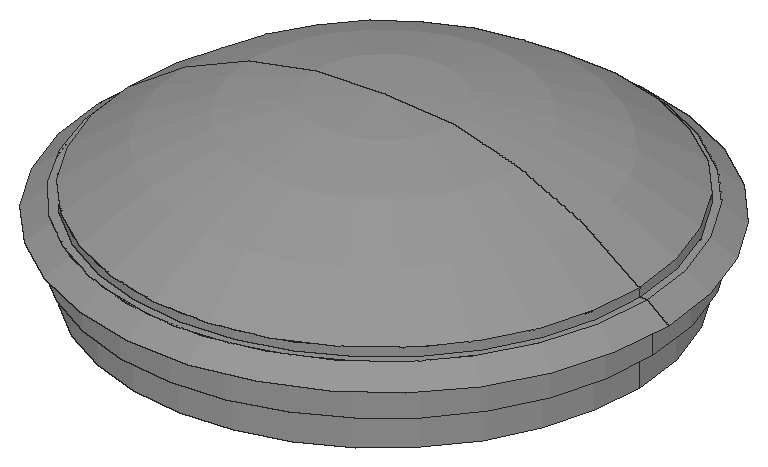
Revit family "3032819 Lighting Fixture_Sylvania_Giotto 335 LED_Recessed Mounted", category Lighting Fixtures, host Face, Revit 2017
Family settings
  Host = Face
  Round Connector Dimension = Use Diameter
  Part Type = Normal
  OmniClass Number = 23.80.70.11.17
  OmniClass Title = Specialized Lighting by Location or Use
  Cut with Voids When Loaded = No
  Light Source = Yes
  Shared = No
  Room Calculation Point = No
Parameters (values of type "Giotto335 rec nw")
  Width = 355.0 mm
  Glow Wire Test = 850 °C  # constant formula
  Energy Class = "A++A+A"  # constant formula
  Cutout Diameter = Width - 20.0 mm  # 335.0 mm
  Weight = 1.44 kg
  Wattage = 19 W
  built-in parameter 1150110 = 1 (stored number, unit not read)
  Voltage Comments = "UNV (Universal Voltage; 220-240 Volt)"  # constant formula
  Voltage = 230 V  # constant formula
  URL = "http://www.sylvania-lighting.com"
  built-in parameter 1114217 = 1 (stored number, unit not read)
  Tilt Angle = -90°
  built-in parameter 1150109 = 1 (stored number, unit not read)
  built-in parameter 1150134 = 12
  built-in parameter 1150113 = 1 (stored number, unit not read)
  Product Page URL = "http://www.sylvania-lighting.com/product/en-int/products/3032819"
  Product Family = "GIOTTO LED 335 - RECESSED"  # constant formula
  Photometry Comments = ""
  Photometric Web File = "3032819_GiottoLED33525WRecessedNeutralWhiteEB-111744.ies"
  Life = "50 000 h"  # constant formula
  IP Rating = "IP44"  # constant formula
  IK Rating = "IK10"  # constant formula
  Emit from Circle Diameter = Cutout Diameter - 16.0 mm  # 319.0 mm
  Emit Shape Visible in Rendering = no
  Electrical Protection = "CLASS II"  # constant formula
  Drive Current = "700 mA"  # constant formula
  Diffuser Material = Polycarbonate_Sylvania_Giotto_Opal
  Height = 108.0 mm
  built-in parameter 1114216 [instance] = 1 (stored number, unit not read)
  Model = "Giotto335 rec nw"
  Manufacturer = "Feilo Sylvania"
  built-in parameter 1150105 = 120.2 (stored number, unit not read)
  Lumens = 1510.5 lm
  built-in parameter 1150115 = 1 (stored number, unit not read)
  built-in parameter 1150137 = (empty or 0)
  built-in parameter 1150139 = (empty or 0)
  built-in parameter 1150112 = 1 (stored number, unit not read)
  built-in parameter 1150114 = 1 (stored number, unit not read)
  Lamp Comments = "Integrated LED"  # constant formula
  Lamp = "19 W"
  built-in parameter 1150132 = 2
  built-in parameter 1150102 = (empty or 0)
  built-in parameter 1150107 = 4000 (stored number, unit not read)
  built-in parameter 1150138 = (empty or 0)
  built-in parameter 1150106 = 1.202 (stored number, unit not read)
  Body Material = Polycarbonate_Sylvania_Giotto_White
  built-in parameter 1150104 = 7.3858 (stored number, unit not read)
  Dimming Lamp Color Temperature Shift = <None>
  Description = "Surface or recessed mount versions available Ideal for general lighting in public areas Microwave presence detection versions 3 hour emergency light versions with integrated gear Up to 1200lm neutral white"  # constant formula
  Default Elevation = 0.0 mm
  Color Filter = 16777215
  Catalog Number = "3032819 Giotto335 rec nw"
  built-in parameter 1140040 [instance] = 1
  built-in parameter 1114218 = 1 (stored number, unit not read)
  built-in parameter 1150133 = 10 (stored number, unit not read)
  Assembly Code = "D5020200"
  Apparent Load Comments = ""
  Apparent Load = 19 VA
Reference planes
  plane 1 "Center (Front/Back)": y = 0
  plane 2: z = 0
  plane 3 "Center (Left/Right)": x = 0
  plane 4 "Fixture Left": x = -167.5
  plane 5 "Fixture Right": x = 167.5
  plane 6 "Fixture Top": z = 67
  plane 7 "Difuser Left": x = -159.5
  plane 8 "Difuser Right": x = 159.5
  plane 9 "Brace Top": z = 0
  plane 10 "Brace Bottom": z = -20
  plane 11: z = -41
  plane 12: x = 177.5
  plane 13: x = -177.5
  plane 14: z = 10
Forms (mm)
  Revolve 1, solid, material "Polycarbonate_Sylvania_Giotto_White" <- "Body Material", detail levels fine
    sketch origin (0, 0, 0) x (1, 0, 0) y (0, 0, 1)
      loop
        line (0, -41) -> (0, 0) -> (-167.5, 0) -> (-167.5, -20) -> (-159.5, -20) -> (-159.5, -41) -> (0, -41)
      axis (0, 0) -> (0, -41)
    angle from 0 to 360
  Revolve 2, solid, material "Polycarbonate_Sylvania_Giotto_Opal" <- "Diffuser Material", detail levels fine
    sketch origin (0, 0, 0) x (1, 0, 0) y (0, 0, 1)
      loop
        line (-159.5, 15) -> (-159.5, 0) -> (0, 0) -> (0, 67)
        arc (0, 67) -> (-84.546, 55.712) -> (-159.5, 15) r 235.082
      axis (0, 67) -> (0, 0)
    angle from 0 to 360
  Revolve 3, solid, material "Polycarbonate_Sylvania_Giotto_White" <- "Body Material", detail levels coarse+medium
    sketch origin (0, 0, 0) x (1, 0, 0) y (0, 0, 1)
      loop
        line (-159.5, 15) -> (-159.5, 10) -> (-164.5, 10) -> (-177.5, 0) -> (-167.5, 0) -> (-167.5, -20) -> (-159.5, -20) -> (-159.5, -41) -> (0, -41) -> (0, 67)
        arc (0, 67) -> (-84.548, 55.717) -> (-159.5, 15) r 235.018
      axis (0, 67) -> (0, -41)
    angle from 0 to 360
  Extrusion 4, void
    sketch origin (0, 0, 59) x (-1, 0, 0) y (0, -1, 0)
      loop
        circle (0, 0) r 167.5
    from -100 to 8
  Revolve 5, solid, material "Polycarbonate_Sylvania_Giotto_White" <- "Body Material", detail levels fine
    sketch origin (0, 0, 0) x (1, 0, 0) y (0, 0, 1)
      loop
        line (-159.5, 10) -> (-164.5, 10) -> (-177.5, 0) -> (-159.5, 0) -> (-159.5, 10)
      axis (0, 10) -> (0, 0)
    angle from 0 to 360
Dimensions and locks
  equal spacing: plane 5 "Fixture Right", plane 3 "Center (Left/Right)", plane 4 "Fixture Left"
  "Cutout Diameter": plane 5 "Fixture Right" to plane 4 "Fixture Left"
  locked: plane 7 "Difuser Left" to plane 4 "Fixture Left" at 8
  locked: plane 5 "Fixture Right" to plane 8 "Difuser Right" at 8
  locked: Revolve 2 sketch curve to plane 9 "Brace Top" at 15
  equal spacing: plane 13, plane 3 "Center (Left/Right)", plane 12
  "Width": plane 12 to plane 13
  locked: plane 9 "Brace Top" to plane 11 at 41
  "Height": plane 6 "Fixture Top" to plane 11
  plane 6 "Fixture Top" to host face = 67.0 mm
  locked: plane 7 "Difuser Left" to Revolve 5 sketch curve at 5
  locked: plane 7 "Difuser Left" to Revolve 3 sketch curve at 5
  locked: Revolve 3 sketch curve to plane 14 at 5
  "Cutout Diameter": diameter of Extrusion 4 sketch curve
  aligned and locked: plane 2 to host face
  aligned and locked: level to host face
  aligned and locked: plane 1 "Center (Front/Back)" to imposter light
  aligned and locked: plane 4 "Fixture Left" to Revolve 1 sketch curve
  aligned and locked: plane 7 "Difuser Left" to Revolve 1 sketch curve
  aligned and locked: plane 10 "Brace Bottom" to Revolve 1 sketch curve
  aligned and locked: Revolve 1 sketch curve to plane 9 "Brace Top"
  aligned and locked: Revolve 1 sketch curve to plane 3 "Center (Left/Right)"  (x2)
  aligned and locked: Revolve 2 sketch curve to plane 7 "Difuser Left"
  aligned and locked: Revolve 2 sketch curve to plane 9 "Brace Top"
  aligned and locked: Revolve 2 sketch curve to plane 3 "Center (Left/Right)"  (x2)
  aligned and locked: plane 6 "Fixture Top" to Revolve 2 sketch curve
  aligned and locked: Revolve 3 sketch curve to plane 7 "Difuser Left"  (x2)
  aligned and locked: Revolve 3 sketch curve to plane 4 "Fixture Left"
  aligned and locked: Revolve 3 sketch curve to plane 10 "Brace Bottom"
  aligned and locked: Revolve 3 sketch curve to plane 3 "Center (Left/Right)"
  aligned and locked: plane 3 "Center (Left/Right)" to imposter light
  aligned and locked: imposter light to plane 6 "Fixture Top"
  aligned and locked: Revolve 3 sketch curve to plane 11
  aligned and locked: plane 11 to Revolve 1 sketch curve
  aligned and locked: imposter light to Extrusion 4
  aligned and locked: Extrusion 4 to Revolve 1
  aligned and locked: plane 7 "Difuser Left" to Revolve 5 sketch curve
  aligned and locked: Revolve 5 sketch curve to plane 9 "Brace Top"
  aligned and locked: Revolve 5 sketch curve to imposter light
  aligned and locked: Revolve 3 sketch curve to plane 2
  aligned and locked: level to plane 9 "Brace Top"
  aligned and locked: Revolve 5 sketch curve to plane 14
  aligned and locked: plane 13 to Revolve 5 sketch curve
  aligned and locked: Revolve 3 sketch curve to plane 14
Automatic sketch dimensions
  host sketch curve to host sketch curve = 1305.563 mm
  host sketch curve to host sketch curve = 1283.632 mm
  Revolve 1 sketch curve to level = 61.8 mm
  Revolve 1 sketch curve to plane 6 "Fixture Top" = 6.8 mm
  Revolve 5 sketch curve to plane 11 = 65.424 mm
  plane 6 "Fixture Top" to Revolve 5 sketch curve = 61.576 mm
  Revolve 2 sketch curve to plane 3 "Center (Left/Right)" = 11.68 mm
  plane 10 "Brace Bottom" to Revolve 2 sketch curve = 9.973 mm
  Revolve 2 sketch curve to Revolve 2 sketch curve = 84.973 mm
  plane 13 to Revolve 3 sketch curve = 0.0 mm
  Revolve 3 sketch curve to plane 3 "Center (Left/Right)" = 0.0 mm
  Revolve 3 sketch curve to plane 6 "Fixture Top" = 0.0 mm
  Revolve 3 sketch curve to plane 3 "Center (Left/Right)" = 11.701 mm
  Revolve 3 sketch curve to plane 11 = 45.065 mm
  Revolve 3 sketch curve to Revolve 3 sketch curve = 81.6 mm
  plane 1 "Center (Front/Back)" to Extrusion 4 sketch curve = 0.0 mm
  Extrusion 4 sketch curve to plane 3 "Center (Left/Right)" = 0.0 mm
Connectors
  electrical at (0, 0, -41), driven by "Voltage", driven by "Apparent Load"
    settings: on Revolve 1, index 1, voltage 230 V, apparent load 0 VA, apparent load phase1 19 VA, apparent load phase2 0 VA, apparent load phase3 0 VA, power factor 1, load classification "Lighting", number of poles 1, system type 31, power factor state 1, is connector primary yes, connector utility no, sub classification motor no, connector description ""
